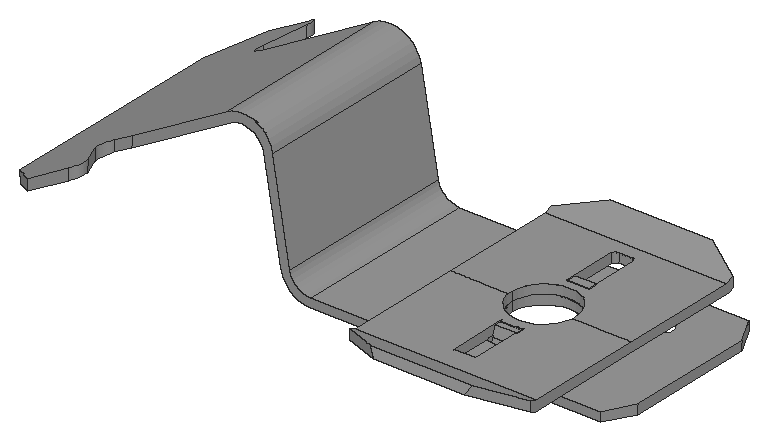
Revit family "Befestigungsclip Gitterrinne - BC GR 4.8 A2", category Generic Models, Revit 2017
Family settings
  Can host rebar = No
  Round Connector Dimension = Use Diameter
  Part Type = Normal
  Work Plane-Based = No
  Always vertical = Yes
  Cut with Voids When Loaded = No
  Shared = No
  Room Calculation Point = No
Parameters (values of type "BC GR 4.8 A2")
  Width = 19.876 mm
  URL = "http://www.obo-bettermann.com"
  Material = Edelstahl, rostfrei A2
  Manufacturer Art.No. = "6016665"
  Manufacturer = "OBO BETTERMANN"
  GTIN = "4012195980698"
  Article Type = "BC GR 4.8 A2"
Reference planes
  plane 1 "Center (Front/Back)": y = 0
  plane 2: z = 0
  plane 3 "Center (Left/Right)": x = 0
  plane 4: x = 63.3
  plane 5: z = 16.5
  plane 6: y = 33
  plane 7: y = 30
  plane 8: y = 3
  plane 9: x = 10.27
  plane 10: y = 26.5
  plane 11: x = 47.399
  plane 12: y = 16.5
  plane 13: y = 16.5
  plane 14: x = 47.399
  plane 15: x = 52.149
  plane 16: x = 54.149
  plane 17: through (49.229, 30.635, 1200) normal (0.9962, -0.0872, 0)
  plane 18: through (47.399, 16.5, 1200) normal (-0.5, 0.866, 0)
  plane 19: through (52.149, 22.866, 1200) normal (0.866, 0.5, 0)
  plane 20: through (56.335, 24.022, 1200) normal (0.866, 0.5, 0)
  plane 21: x = 46.421
  plane 22: through (47.399, 16.5, 1200) normal (0.4695, -0.8829, 0)
  plane 23: through (55.835, 19.469, 1200) normal (0.5, -0.866, 0)
  plane 24: through (53.568, 21.905, 1200) normal (0.5, -0.866, 0)
  plane 25: y = 16.052
  plane 26: z = 1
  plane 27: x = 42.468
  plane 28: x = 52.344
  plane 29: x = 42.468
  plane 30: x = 52.344
  plane 31: x = 47.344
  plane 32: y = 16.5
  plane 33: y = 16.5
  plane 34: x = 47.468
  plane 35: y = 27.49
  plane 36: y = 5.51
  plane 37: z = -1.434
  plane 38: y = 6.912
  plane 39: y = 26.212
  plane 40: y = 16.562
  plane 41: y = 9.952
  plane 42: y = 23.172
Forms (mm)
  Extrusion 1, solid, material "Edelstahl, rostfrei A2" <- "Material"
    sketch origin (0, 0, 0) x (1, 0, 0) y (0, 0, 1)
      loop
        line (0.092, 4.04) -> (0.629, 3.117) -> (21.256, 15.104)
        arc (21.256, 15.104) -> (23.47, 15.2) -> (24.811, 13.436) r 2.391
        line (24.811, 13.436) -> (26.726, 2.754)
        arc (26.726, 2.754) -> (27.866, 0.78) -> (30.008, 0) r 3.333
        line (30.008, 0) -> (63.399, 0) -> (63.399, 1) -> (30.008, 1)
        arc (30.008, 1) -> (28.509, 1.546) -> (27.711, 2.928) r 2.333
        line (27.711, 2.928) -> (25.829, 13.601)
        arc (25.829, 13.601) -> (23.907, 16.106) -> (20.752, 15.968) r 3.419
        line (20.752, 15.968) -> (0.092, 4.04)
    from 0 to -33
  Extrusion 2, void
    sketch origin (0, 0, 0) x (1, 0, 0) y (0, 1, 0)
      loop
        line (63.399, 30) -> (63.399, 33) -> (61.298, 33) -> (63.399, 30)
    from 0 to 1
  Extrusion 3, void
    sketch origin (0, 0, 0) x (1, 0, 0) y (0, 1, 0)
      loop
        line (63.399, 0) -> (63.399, 2.999) -> (61.299, 0) -> (63.399, 0)
    from 0 to 1
  Extrusion 4, void
    sketch origin (0, 0, 0) x (1, 0, 0) y (0, 1, 0)
      loop
        line (0.092, 0) -> (4.07, 0) -> (0.092, 3.978) -> (0.092, 0)
    from 3.117 to 6.442
  Extrusion 5, void
    sketch origin (0, 0, 0) x (1, 0, 0) y (0, 1, 0)
      loop
        line (0.092, 33) -> (0.092, 28.999) -> (4.094, 33) -> (0.092, 33)
    from 3.117 to 7.443
  Extrusion 6, void
    sketch origin (0, 0, 0) x (1, 0, 0) y (0, 1, 0)
      loop
        line (10.362, 6.426) -> (8.37, 6.426)
        arc (8.37, 6.426) -> (7.504, 5.926) -> (7.504, 4.926) r 1
        line (7.504, 4.926) -> (9.482, 1.5)
        arc (9.482, 1.5) -> (9.482, 0.5) -> (8.616, 0) r 1
        line (8.616, 0) -> (10.348, 0) -> (21.005, 0) -> (21.005, 6.426) -> (10.362, 6.426)
    from 6.442 to 16.659
  Extrusion 7, void
    sketch origin (0, 0, 0) x (1, 0, 0) y (0, 1, 0)
      loop
        line (21.005, 6.319) -> (21.005, 0) -> (63.399, 0) -> (63.399, 6.319) -> (21.005, 6.319)
    from 0 to 16.659
  Extrusion 8, void
    sketch origin (0, 0, 0) x (1, 0, 0) y (0, 1, 0)
      loop
        line (9.404, 31.5) -> (7.383, 28)
        arc (7.383, 28) -> (7.383, 27) -> (8.249, 26.5) r 1
        line (8.249, 26.5) -> (63.399, 26.5) -> (63.399, 33) -> (9.409, 33) -> (8.538, 33)
        arc (8.538, 33) -> (9.404, 32.5) -> (9.404, 31.5) r 1
    from 0 to 16.659
  Extrusion 9, void
    sketch origin (0, 0, 0) x (1, 0, 0) y (0, 1, 0)
      loop
        line (63.399, 26.5) -> (61.693, 26.5) -> (63.399, 23.546) -> (63.399, 26.5)
    from 0 to 1
  Extrusion 10, void
    sketch origin (0, 0, 0) x (1, 0, 0) y (0, 1, 0)
      loop
        line (63.399, 6.319) -> (63.399, 9.278) -> (61.69, 6.319) -> (63.399, 6.319)
    from 0 to 1
  Extrusion 11, void
    sketch origin (0, 0, 0) x (1, 0, 0) y (0, 1, 0)
      loop
        circle (47.399, 16.5) r 3.53
    from 0 to 1
  Extrusion 12, void
    sketch origin (0, 0, 0) x (1, 0, 0) y (0, 1, 0)
      loop
        arc (43.903, 13.283) -> (43.155, 18.632) -> (47.894, 21.223) r 4.749
        arc (47.894, 21.223) -> (48.265, 21.334) -> (48.445, 21.678) r 0.501
        line (48.445, 21.678) -> (48.574, 23.147)
        arc (48.574, 23.147) -> (42.34, 20.969) -> (40.947, 14.515) r 6.75
        line (40.947, 14.515) -> (37.482, 12.672)
        arc (37.482, 12.672) -> (36.99, 12.065) -> (37.086, 11.289) r 1
        line (37.086, 11.289) -> (37.731, 10.171)
        arc (37.731, 10.171) -> (38.338, 9.705) -> (39.097, 9.805) r 1
        line (39.097, 9.805) -> (43.785, 12.512)
        arc (43.785, 12.512) -> (44.03, 12.869) -> (43.903, 13.283) r 0.5
      loop
        arc (50.926, 19.681) -> (51.833, 18.204) -> (52.149, 16.5) r 4.75
        arc (52.149, 16.5) -> (50.588, 12.98) -> (46.933, 11.773) r 4.75
        arc (46.933, 11.773) -> (46.556, 11.658) -> (46.374, 11.309) r 0.511
        line (46.374, 11.309) -> (46.246, 9.849)
        arc (46.246, 9.849) -> (51.745, 11.335) -> (54.149, 16.5) r 6.75
        arc (54.149, 16.5) -> (54.084, 17.432) -> (53.891, 18.346) r 6.75
        line (53.891, 18.346) -> (57.284, 20.305)
        arc (57.284, 20.305) -> (57.75, 20.912) -> (57.65, 21.671) r 1
        line (57.65, 21.671) -> (57.028, 22.748)
        arc (57.028, 22.748) -> (56.421, 23.214) -> (55.662, 23.114) r 1
        line (55.662, 23.114) -> (53.568, 21.905) -> (51.047, 20.449)
        arc (51.047, 20.449) -> (50.803, 20.094) -> (50.926, 19.681) r 0.5
    from 0 to 1
  Extrusion 13, solid, material "Edelstahl, rostfrei A2" <- "Material"
    sketch origin (0, -0.448, 0) x (0, 1, 0) y (0, 0, 1)
      loop
        line (16.502, 1) -> (29.693, 1) -> (33.188, 2.412) -> (32.814, 3.339) -> (29.499, 2) -> (16.502, 2) -> (3.507, 2) -> (0.191, 3.339) -> (-0.183, 2.412) -> (3.312, 1) -> (16.502, 1)
    from 37.468 to 57.344
  Extrusion 14, void
    sketch origin (0, 0, 0) x (1, 0, 0) y (0, 1, 0)
      loop
        line (52.344, -0.631) -> (57.344, -0.631) -> (57.344, 2.255) -> (52.344, -0.631)
      loop
        line (42.468, -0.631) -> (37.468, 2.255) -> (37.468, -0.631) -> (42.468, -0.631)
    from 1 to 4.04
  Extrusion 15, void
    sketch origin (0, 0, 0) x (1, 0, 0) y (0, 1, 0)
      loop
        line (42.468, 32.74) -> (37.468, 32.74) -> (37.468, 29.854) -> (42.468, 32.74)
      loop
        line (52.344, 32.74) -> (57.344, 29.854) -> (57.344, 32.74) -> (52.344, 32.74)
    from 0 to 4.04
  Extrusion 16, void
    sketch origin (0, 0, 0) x (1, 0, 0) y (0, 1, 0)
      loop
        circle (47.344, 16.5) r 3.53
    from 1 to 2
  Extrusion 17, void
    sketch origin (0, 0, 0) x (1, 0, 0) y (0, 1, 0)
      loop
        arc (46.768, 27.49) -> (46.414, 27.344) -> (46.268, 26.99) r 0.5
        line (46.268, 26.99) -> (46.268, 21.2) -> (48.668, 21.2) -> (48.668, 26.99)
        arc (48.668, 26.99) -> (48.522, 27.344) -> (48.168, 27.49) r 0.5
        line (48.168, 27.49) -> (46.768, 27.49)
      loop
        line (46.268, 5.51) -> (48.668, 5.51) -> (48.668, 11.837) -> (46.268, 11.837) -> (46.268, 5.51)
    from 0 to 2
  Extrusion 18, solid, material "Edelstahl, rostfrei A2" <- "Material"
    sketch origin (0, 0, 0) x (0, 1, 0) y (0, 0, 1)
      loop
        line (11.773, 1) -> (12.137, 2) -> (11.073, 2) -> (10.709, 1) -> (9.823, -1.434) -> (6.912, -1.689) -> (6.912, -2.693) -> (9.762, -2.443) -> (10.545, -2.375) -> (10.887, -1.434) -> (11.773, 1)
      loop
        line (21.351, 1) -> (22.237, -1.434) -> (22.58, -2.375) -> (23.362, -2.443) -> (26.212, -2.693) -> (26.212, -1.689) -> (23.301, -1.434) -> (22.415, 1) -> (22.051, 2) -> (20.987, 2) -> (21.351, 1)
    from 46.268 to 48.668
Cuts and joins
  Extrusion 2, Extrusion 3, Extrusion 4, Extrusion 5, Extrusion 6, Extrusion 7, Extrusion 8, Extrusion 9, Extrusion 10, Extrusion 11, Extrusion 12 cuts Extrusion 1
  Extrusion 14, Extrusion 15, Extrusion 16, Extrusion 17 cuts Extrusion 13
Dimensions and locks
  plane 4 to plane 3 "Center (Left/Right)" = 63.3 mm
  locked: plane 5 to level at 16.5
  locked: Extrusion 1 sketch curve to level at 3.117
  locked: Extrusion 1 sketch curve to Extrusion 1 sketch curve at 1
  locked: Extrusion 1 sketch curve to level at 16.426
  Extrusion 1 sketch curve to level = 3.117 mm
  locked: Extrusion 1 sketch curve to level at 15.426
  locked: Extrusion 1 sketch curve to Extrusion 1 sketch curve at 63.306
  locked: Extrusion 1 to level at 16.426
  Extrusion 1 to Extrusion 1 = 33 mm
  locked: plane 1 "Center (Front/Back)" to plane 6 at 33
  locked: plane 6 to plane 7 at 3
  locked: plane 8 to plane 1 "Center (Front/Back)" at 3
  locked: plane 3 "Center (Left/Right)" to plane 9 at 10.27
  locked: plane 11 to cut or joined group 1 (Extrusion 1, Extrusion 2, Extrusion 3, Extrusion 4, Extrusion 5, Extrusion 6, Extrusion 7, Extrusion 8, Extrusion 9, Extrusion 10, Extrusion 11, Extrusion 12) at 16
  locked: plane 1 "Center (Front/Back)" to plane 12 at 16.5
  locked: Extrusion 11 sketch curve to cut or joined group 1 at 12.47
  locked: Extrusion 11 sketch curve to cut or joined group 1 at 6.543
  cut or joined group 1 to cut or joined group 1 = 20.074 mm
  locked: plane 14 to cut or joined group 1 at 16
  locked: plane 13 to cut or joined group 1 at 10.074
  locked: plane 14 to plane 16 at 6.75
  plane 20 to Extrusion 12 sketch curve = 6.75 mm
  locked: Extrusion 12 sketch curve to Extrusion 12 sketch curve at 6.713
  locked: Extrusion 12 sketch curve to cut or joined group 1 at 5.251
  locked: Extrusion 12 sketch curve to cut or joined group 1 at 3.324
  locked: Extrusion 12 sketch curve to Extrusion 12 sketch curve at 3.243
  locked: Extrusion 12 sketch curve to plane 24 at 3.243
  locked: Extrusion 12 sketch curve to Extrusion 12 sketch curve at 6.787
  locked: Extrusion 13 sketch curve to cut or joined group 1 at 1
  locked: Extrusion 13 sketch curve to Extrusion 13 sketch curve at 1  (x2)
  locked: Extrusion 13 sketch curve to Extrusion 13 sketch curve at 3.77  (x2)
  locked: Extrusion 13 sketch curve to plane 26 at 1.412  (x2)
  locked: Extrusion 13 sketch curve to Extrusion 13 sketch curve at 26.381
  Extrusion 13 sketch curve to Extrusion 13 sketch curve = 33.372 mm
  "Width": Extrusion 13 to Extrusion 13
  locked: cut or joined group of Extrusion 13, Extrusion 14, Extrusion 15, Extrusion 16, Extrusion 17 to plane 27 at 5
  locked: plane 28 to cut or joined group of Extrusion 13, Extrusion 14, Extrusion 15, Extrusion 16, Extrusion 17 at 5
  locked: cut or joined group of Extrusion 13, Extrusion 14, Extrusion 15, Extrusion 16, Extrusion 17 to plane 29 at 5
  locked: plane 30 to cut or joined group of Extrusion 13, Extrusion 14, Extrusion 15, Extrusion 16, Extrusion 17 at 5
  locked: plane 31 to cut or joined group of Extrusion 13, Extrusion 14, Extrusion 15, Extrusion 16, Extrusion 17 at 10
  plane 32 to cut or joined group 1 = 10 mm
  locked: cut or joined group of Extrusion 13, Extrusion 14, Extrusion 15, Extrusion 16, Extrusion 17 to plane 34 at 10
  cut or joined group of Extrusion 13, Extrusion 14, Extrusion 15, Extrusion 16, Extrusion 17 to plane 33 = 13.441 mm
  plane 35 to plane 33 = 10.99 mm
  plane 33 to plane 36 = 10.99 mm
  locked: Extrusion 17 sketch curve to Extrusion 17 sketch curve at 2.4
  locked: Extrusion 17 sketch curve to plane 34 at 1.2
  locked: Extrusion 17 sketch curve to Extrusion 17 sketch curve at 6.29
  locked: plane 40 to plane 42 at 6.61
  plane 41 to plane 40 = 6.61 mm
  locked: Extrusion 18 sketch curve to Extrusion 18 sketch curve at 1  (x4)
  locked: Extrusion 18 sketch curve to plane 40 at 9.65
  diameter of Extrusion 11 sketch curve = 7.061 mm
  diameter of cut or joined group 1 = 7.061 mm
  locked: Extrusion 1 sketch curve to Extrusion 1 sketch curve (angle 70.00°)
  locked: Extrusion 1 sketch curve to Extrusion 1 sketch curve (angle 100.00°)
  angle cut or joined group 1 to cut or joined group 1 = 60.00°
  locked: plane 26 to Extrusion 13 sketch curve (angle 22.00°)
  locked: Extrusion 13 sketch curve to plane 26 (angle 22.00°)
  aligned and locked: level to plane 2
  aligned and locked: Extrusion 1 to level
  aligned and locked: plane 6 to Extrusion 1
  aligned and locked: Extrusion 2 sketch curve to plane 6
  aligned and locked: Extrusion 2 sketch curve to Extrusion 1
  aligned and locked: Extrusion 1 to Extrusion 2
  aligned and locked: Extrusion 2 to Extrusion 1
  aligned and locked: plane 1 "Center (Front/Back)" to Extrusion 3 sketch curve
  aligned and locked: Extrusion 3 to Extrusion 1
  aligned and locked: Extrusion 1 to Extrusion 3
  aligned and locked: Extrusion 4 to Extrusion 1  (x2)
  aligned and locked: Extrusion 1 to Extrusion 4
  aligned and locked: Extrusion 4 to Extrusion 5
  aligned and locked: Extrusion 7 to Extrusion 6  (x2)
  aligned and locked: Extrusion 7 to Extrusion 1  (x2)
  aligned and locked: Extrusion 7 to Extrusion 2
  aligned and locked: plane 6 to Extrusion 8 sketch curve
  aligned and locked: Extrusion 8 to Extrusion 1
  aligned and locked: Extrusion 8 to Extrusion 6
  aligned and locked: Extrusion 1 to Extrusion 9  (x2)
  aligned and locked: Extrusion 1 to Extrusion 10
  aligned and locked: Extrusion 10 to Extrusion 1
  aligned and locked: Extrusion 1 to Extrusion 11  (x2)
  aligned and locked: plane 17 to Extrusion 12 sketch curve
  aligned and locked: Extrusion 14 sketch curve to Extrusion 14 sketch curve
  aligned and locked: Extrusion 14 sketch curve to cut or joined group of Extrusion 13, Extrusion 14, Extrusion 15, Extrusion 16, Extrusion 17  (x2)
  aligned and locked: cut or joined group of Extrusion 13, Extrusion 14, Extrusion 15, Extrusion 16, Extrusion 17 to Extrusion 14 sketch curve
  aligned and locked: Extrusion 15 sketch curve to cut or joined group of Extrusion 13, Extrusion 14, Extrusion 15, Extrusion 16, Extrusion 17  (x3)
  aligned and locked: cut or joined group of Extrusion 13, Extrusion 14, Extrusion 15, Extrusion 16, Extrusion 17 to Extrusion 15 sketch curve
  aligned and locked: Extrusion 13 to Extrusion 16
  aligned and locked: Extrusion 13 to Extrusion 17
  aligned and locked: Extrusion 17 sketch curve to Extrusion 17 sketch curve  (x2)
  aligned and locked: Extrusion 17 sketch curve to plane 36
  aligned and locked: Extrusion 1 to Extrusion 12  (x2)
  aligned and locked: Extrusion 18 sketch curve to cut or joined group 1
  aligned and locked: cut or joined group of Extrusion 13, Extrusion 14, Extrusion 15, Extrusion 16, Extrusion 17 to Extrusion 18 sketch curve
Automatic sketch dimensions
  Extrusion 1 sketch curve to Extrusion 1 sketch curve = 0 mm  (x2)
  Extrusion 1 sketch curve to level = 0 mm
  plane 3 "Center (Left/Right)" to Extrusion 1 sketch curve = 0.092 mm
  plane 3 "Center (Left/Right)" to Extrusion 1 sketch curve = 0.629 mm
  Extrusion 1 sketch curve to plane 5 = 0.532 mm
  plane 3 "Center (Left/Right)" to Extrusion 1 sketch curve = 20.752 mm
  Extrusion 1 sketch curve to plane 5 = 1.396 mm
  Extrusion 1 sketch curve to Extrusion 1 sketch curve = 0.503 mm
  Extrusion 1 sketch curve to Extrusion 1 sketch curve = 1.199 mm
  Extrusion 1 sketch curve to Extrusion 1 sketch curve = 0.008 mm
  level to Extrusion 1 sketch curve = 13.436 mm
  Extrusion 1 sketch curve to plane 5 = 2.899 mm
  level to Extrusion 1 sketch curve = 2.928 mm
  Extrusion 1 sketch curve to Extrusion 1 sketch curve = 2.297 mm
  Extrusion 2 sketch curve to plane 7 = 0 mm
  Extrusion 2 sketch curve to Extrusion 2 sketch curve = 2.101 mm
  plane 3 "Center (Left/Right)" to Extrusion 3 sketch curve = 61.299 mm
  Extrusion 3 sketch curve to plane 1 "Center (Front/Back)" = 2.999 mm
  Extrusion 3 sketch curve to Extrusion 3 sketch curve = 2.1 mm
  plane 1 "Center (Front/Back)" to Extrusion 4 sketch curve = 0 mm
  plane 3 "Center (Left/Right)" to Extrusion 4 sketch curve = 0.092 mm
  Extrusion 4 sketch curve to Extrusion 4 sketch curve = 3.978 mm
  Extrusion 4 sketch curve to plane 38 = 2.934 mm
  Extrusion 5 sketch curve to plane 6 = 0 mm
  plane 3 "Center (Left/Right)" to Extrusion 5 sketch curve = 0.092 mm
  Extrusion 5 sketch curve to Extrusion 5 sketch curve = 4.001 mm
  plane 39 to Extrusion 5 sketch curve = 2.787 mm
  plane 1 "Center (Front/Back)" to Extrusion 6 sketch curve = 0 mm
  Extrusion 6 sketch curve to plane 38 = 1.986 mm
  plane 3 "Center (Left/Right)" to Extrusion 6 sketch curve = 7.504 mm
  Extrusion 6 sketch curve to plane 38 = 0.486 mm
  Extrusion 6 sketch curve to Extrusion 6 sketch curve = 0.866 mm
  Extrusion 6 sketch curve to plane 1 "Center (Front/Back)" = 1 mm
  Extrusion 6 sketch curve to Extrusion 6 sketch curve = 1.732 mm
  Extrusion 6 sketch curve to Extrusion 6 sketch curve = 1.992 mm
  Extrusion 6 sketch curve to Extrusion 6 sketch curve = 10.643 mm
  plane 1 "Center (Front/Back)" to Extrusion 7 sketch curve = 0 mm
  Extrusion 7 sketch curve to plane 38 = 0.593 mm
  plane 3 "Center (Left/Right)" to Extrusion 7 sketch curve = 21.005 mm
  Extrusion 7 sketch curve to Extrusion 7 sketch curve = 42.393 mm
  Extrusion 8 sketch curve to plane 10 = 0 mm
  plane 10 to Extrusion 8 sketch curve = 1.5 mm
  plane 9 to Extrusion 8 sketch curve = 2.887 mm
  Extrusion 8 sketch curve to Extrusion 8 sketch curve = 0.866 mm
  Extrusion 8 sketch curve to plane 6 = 1 mm
  plane 9 to Extrusion 8 sketch curve = 0.861 mm
  Extrusion 8 sketch curve to plane 9 = 53.129 mm
  plane 39 to Extrusion 9 sketch curve = 0.288 mm
  plane 3 "Center (Left/Right)" to Extrusion 9 sketch curve = 61.693 mm
  plane 42 to Extrusion 9 sketch curve = 0.374 mm
  Extrusion 9 sketch curve to Extrusion 9 sketch curve = 1.706 mm
  Extrusion 10 sketch curve to plane 38 = 0.593 mm
  plane 3 "Center (Left/Right)" to Extrusion 10 sketch curve = 61.69 mm
  Extrusion 10 sketch curve to plane 41 = 0.674 mm
  Extrusion 10 sketch curve to Extrusion 10 sketch curve = 1.708 mm
  Extrusion 12 sketch curve to Extrusion 12 sketch curve = 0 mm  (x20)
  Extrusion 12 sketch curve to plane 13 = 0 mm  (x2)
  Extrusion 12 sketch curve to plane 14 = 0 mm
  plane 24 to Extrusion 12 sketch curve = 0 mm  (x2)
  Extrusion 12 sketch curve to plane 14 = 0.001 mm
  plane 21 to Extrusion 12 sketch curve = 0.461 mm
  Extrusion 12 sketch curve to plane 21 = 0.047 mm
  Extrusion 12 sketch curve to plane 41 = 0.103 mm
  plane 41 to Extrusion 12 sketch curve = 2.56 mm
  Extrusion 12 sketch curve to Extrusion 12 sketch curve = 0.25 mm  (x2)
  Extrusion 12 sketch curve to plane 13 = 1.985 mm
  Extrusion 12 sketch curve to Extrusion 12 sketch curve = 2.588 mm
  Extrusion 12 sketch curve to plane 41 = 0.147 mm
  plane 41 to Extrusion 12 sketch curve = 0.719 mm
  Extrusion 12 sketch curve to Extrusion 12 sketch curve = 0.646 mm
  plane 41 to Extrusion 12 sketch curve = 0.219 mm
  plane 41 to Extrusion 12 sketch curve = 2.72 mm
  Extrusion 12 sketch curve to Extrusion 12 sketch curve = 0.469 mm
  plane 14 to Extrusion 12 sketch curve = 0.547 mm
  Extrusion 12 sketch curve to Extrusion 12 sketch curve = 0.5 mm
  Extrusion 12 sketch curve to plane 15 = 1.101 mm
  Extrusion 12 sketch curve to plane 16 = 0.581 mm
  Extrusion 12 sketch curve to plane 42 = 0.058 mm
  Extrusion 12 sketch curve to plane 42 = 0.924 mm
  Extrusion 12 sketch curve to Extrusion 12 sketch curve = 0.622 mm
  plane 41 to Extrusion 12 sketch curve = 1.313 mm
  plane 1 "Center (Front/Back)" to Extrusion 13 sketch curve = 0.631 mm
  plane 25 to Extrusion 13 sketch curve = 0.002 mm  (x2)
  Extrusion 14 sketch curve to plane 27 = 0 mm
  Extrusion 14 sketch curve to plane 28 = 0 mm
  Extrusion 14 sketch curve to plane 1 "Center (Front/Back)" = 2.255 mm  (x2)
  Extrusion 15 sketch curve to plane 29 = 0 mm
  Extrusion 15 sketch curve to plane 30 = 0 mm
  Extrusion 15 sketch curve to Extrusion 15 sketch curve = 2.887 mm  (x2)
  Extrusion 16 sketch curve to plane 31 = 0 mm
  Extrusion 16 sketch curve to plane 32 = 0 mm
  Extrusion 17 sketch curve to plane 35 = 0 mm
  Extrusion 17 sketch curve to plane 34 = 0.7 mm
  Extrusion 17 sketch curve to Extrusion 17 sketch curve = 0.5 mm
  plane 41 to Extrusion 17 sketch curve = 1.885 mm
  Extrusion 18 sketch curve to plane 37 = 0 mm  (x4)
  Extrusion 18 sketch curve to plane 39 = 0 mm
  Extrusion 18 sketch curve to plane 41 = 0.19 mm
  Extrusion 18 sketch curve to plane 41 = 0.129 mm
  Extrusion 18 sketch curve to level = 2.375 mm  (x2)
  plane 41 to Extrusion 18 sketch curve = 0.757 mm
  Extrusion 18 sketch curve to plane 42 = 2.185 mm
  level to Extrusion 18 sketch curve = 1 mm
  Extrusion 18 sketch curve to Extrusion 18 sketch curve = 0.364 mm  (x2)
  Extrusion 18 sketch curve to Extrusion 18 sketch curve = 1.064 mm
  Extrusion 18 sketch curve to plane 42 = 0.757 mm
  plane 42 to Extrusion 18 sketch curve = 0.19 mm
  radius of Extrusion 16 sketch curve = 3.53 mm
